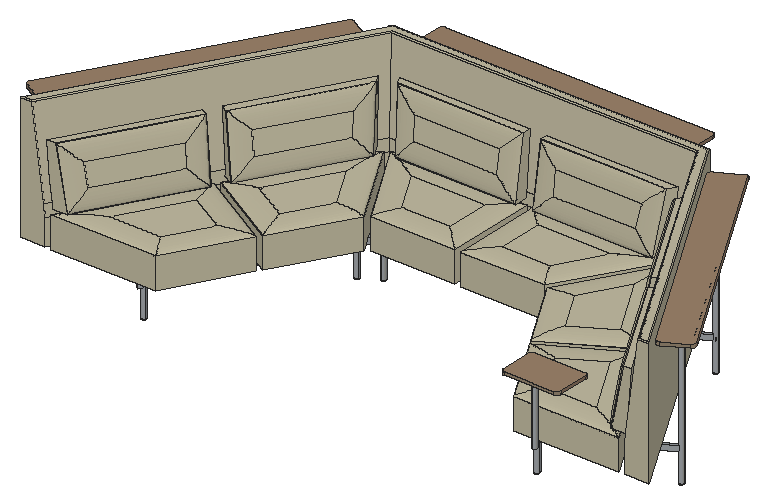
Revit family "Reveal Mid Back 983-173AST", category Furniture, Revit 2016
Family settings
  OmniClass Number = 23.40.20.00
  OmniClass Title = General Furniture and Specialties
  Work Plane-Based = No
  Always vertical = Yes
  Cut with Voids When Loaded = No
  Shared = No
  Room Calculation Point = No
Parameters
  URL = "http://www.martinbrattrud.com"
  Table Top [instance] = MB Wood Cherry
  SCS Certified Product = "Yes"
  Model = "Reveal 983-173 AST"
  Manufacturer = "Martin Brattrud, Inc."
  Leg = none
  Keynote = "125000"
  Copyright = "© 2013 Martin Brattrud, Inc."
  Chair [instance] = none
  Back Cushion [instance] = none
  Authoring Version = "Revit Architecture 2010"
  Assembly Code = "E2020200"
Reference planes
  plane 1 "Center Front/Back": y = 0
  plane 2: z = 0
  plane 3 "Center Left/Right": x = 0
  plane 4: z = 0
  plane 5: z = 1060.45
Forms (mm)
  Sweep 1, solid, material <- "Chair"
    path in 3D
      loop
        line (-19.05, -390.525, 431.8) -> (-19.05, 212.725, 431.8) -> (-926.137, 212.725, 431.8) -> (-577.85, -390.525, 431.8) -> (-19.05, -390.525, 431.8)
    profile origin (-298.45, -390.525, 431.8) x (0, 1, 0) y (0, 0, 1)
      loop
        line (153.194, 0) -> (153.194, 19.05)
        spline (153.194, 19.05) -> (133.302, 18.887) -> (113.75, 18.401) -> (94.873, 17.6) -> (76.994, 16.498) -> (60.419, 15.113) -> (45.431, 13.47) -> (32.287, 11.597) -> (21.211, 9.525) -> (12.395, 7.29) -> (5.987, 4.931) -> (2.098, 2.487) -> (0.794, 0)
        line (0.794, 0) -> (153.194, 0)
  Extrusion 2, void
    sketch origin (0, -938.609, 558.8) x (0, 1, 0) y (0, 0, 1)
      loop
        line (-471.831, 501.65) -> (-471.037, 501.65)
        arc (-471.037, 501.65) -> (-469.178, 506.14) -> (-464.687, 508) r 6.35
        line (-464.687, 508) -> (-464.687, 514.35) -> (-560.731, 514.35) -> (-560.731, -330.2) -> (-471.831, -330.2) -> (-471.831, 501.65)
    from -2133.6 to 2133.6
  Extrusion 3, solid, material <- "Leg"
    sketch origin (0, 0, 0) x (1, 0, 0) y (0, 1, 0)
      loop
        line (-603.25, 494.783) -> (-603.25, 146.05) -> (-909.639, 146.05) -> (-1062.833, -119.29) -> (-1365.293, 55.335) -> (-1374.818, 38.837) -> (-1072.358, -135.788) -> (-1656.558, -1147.652) -> (-1959.018, -973.027) -> (-1968.543, -989.525) -> (-1319.63, -1364.175) -> (-1333.917, -1388.922) -> (-1317.419, -1398.447) -> (-667.671, -273.05) -> (667.671, -273.05) -> (1336.73, -1431.894) -> (1353.228, -1422.369) -> (1319.63, -1364.175) -> (1968.543, -989.525) -> (1959.018, -973.027) -> (1656.558, -1147.652) -> (1072.358, -135.788) -> (1374.818, 38.837) -> (1365.293, 55.335) -> (1062.833, -119.29) -> (909.639, 146.05) -> (603.25, 146.05) -> (603.25, 494.783) -> (584.2, 494.783) -> (584.2, 146.05) -> (-584.2, 146.05) -> (-584.2, 494.783) -> (-603.25, 494.783)
      loop
        line (-584.2, -254) -> (-127, -254) -> (-127, 127) -> (-584.2, 127) -> (-584.2, -254)
      loop
        line (-603.25, -254) -> (-603.25, 127) -> (-898.64, 127) -> (-1046.335, -128.815) -> (-716.38, -319.315) -> (-678.67, -254) -> (-603.25, -254)
      loop
        line (-107.95, 127) -> (-107.95, -254) -> (107.95, -254) -> (107.95, 127) -> (-107.95, 127)
      loop
        line (584.2, -254) -> (584.2, 127) -> (127, 127) -> (127, -254) -> (584.2, -254)
      loop
        line (-725.905, -335.813) -> (-1055.86, -145.313) -> (-1284.46, -541.26) -> (-954.505, -731.76) -> (-725.905, -335.813)
      loop
        line (-1401.935, -744.733) -> (-1071.98, -935.233) -> (-964.03, -748.258) -> (-1293.985, -557.758) -> (-1401.935, -744.733)
      loop
        line (-1081.505, -951.731) -> (-1411.46, -761.231) -> (-1640.06, -1157.177) -> (-1310.105, -1347.677) -> (-1081.505, -951.731)
      loop
        line (603.25, -254) -> (678.67, -254) -> (716.38, -319.315) -> (1046.335, -128.815) -> (898.64, 127) -> (603.25, 127) -> (603.25, -254)
      loop
        line (725.905, -335.813) -> (954.505, -731.76) -> (1284.46, -541.26) -> (1055.86, -145.313) -> (725.905, -335.813)
      loop
        line (1401.935, -744.733) -> (1293.985, -557.758) -> (964.03, -748.258) -> (1071.98, -935.233) -> (1401.935, -744.733)
      loop
        line (1081.505, -951.731) -> (1310.105, -1347.677) -> (1640.06, -1157.177) -> (1411.46, -761.231) -> (1081.505, -951.731)
    from 190.472 to 228.6
  Extrusion 4, solid, material <- "Leg"
    sketch origin (0, 0, 0) x (1, 0, 0) y (0, 1, 0)
      loop
        line (-584.2, 276.225) -> (584.2, 276.225) -> (584.2, 352.425) -> (-584.2, 352.425) -> (-584.2, 276.225)
      loop
        line (-1769.293, -1082.565) -> (-1185.093, -70.701) -> (-1251.084, -32.601) -> (-1835.284, -1044.465) -> (-1769.293, -1082.565)
      loop
        line (1769.293, -1082.565) -> (1835.284, -1044.465) -> (1251.084, -32.601) -> (1185.093, -70.701) -> (1769.293, -1082.565)
    from 203.2 to 228.6
  Sweep 5, solid, material <- "Chair"
    path origin (0, 0, 0) x (1, 0, 0) y (0, 1, 0)
      loop
        line (2090.574, -1410.441) -> (1050.786, 390.525) -> (-1050.786, 390.525) -> (-2090.574, -1410.441)
    profile origin (0, 390.525, 0) x (0, -1, 0) y (0, 0, 1)
      loop
        line (0, 1060.45) -> (0, 228.6) -> (139.7, 228.6) -> (139.7, 401.904)
        arc (139.7, 401.904) -> (138.491, 441.381) -> (134.868, 480.71) r 645.001
        line (134.868, 480.71) -> (63.5, 1060.45) -> (0, 1060.45)
  Extrusion 6, solid, material <- "Chair"
    sketch origin (0, 0, 0) x (1, 0, 0) y (0, 1, 0)
      loop
        line (-1431.725, -624.881) -> (-1885.269, -1410.441) -> (-1188.696, -1410.441) -> (-909.296, -926.506) -> (-1431.725, -624.881)
      loop
        line (-610.846, -409.575) -> (-959.132, 193.675) -> (-1412.675, -591.885) -> (-890.246, -893.51) -> (-610.846, -409.575)
      loop
        line (-926.137, 212.725) -> (-577.85, -390.525) -> (-19.05, -390.525) -> (-19.05, 212.725) -> (-926.137, 212.725)
      loop
        line (1431.725, -624.881) -> (909.296, -926.506) -> (1188.696, -1410.441) -> (1885.269, -1410.441) -> (1431.725, -624.881)
      loop
        line (610.846, -409.575) -> (890.246, -893.51) -> (1412.675, -591.885) -> (959.132, 193.675) -> (610.846, -409.575)
      loop
        line (926.137, 212.725) -> (19.05, 212.725) -> (19.05, -390.525) -> (577.85, -390.525) -> (926.137, 212.725)
    from 228.6 to 431.8
  Extrusion 7, solid, material <- "Chair"
    sketch origin (0, 0, 0) x (1, 0, 0) y (0, 1, 0)
      loop
        line (-660.797, 59.531) -> (-489.404, -237.331) -> (-172.244, -237.331) -> (-172.244, 59.531) -> (-660.797, 59.531)
    from 431.8 to 450.85
  Sweep 8, solid, material <- "Chair"
    path in 3D
      loop
        line (19.05, -390.525, 431.8) -> (19.05, 212.725, 431.8) -> (926.137, 212.725, 431.8) -> (577.85, -390.525, 431.8) -> (19.05, -390.525, 431.8)
    profile origin (298.45, -390.525, 431.8) x (0, -1, 0) y (0, 0, 1)
      loop
        line (-153.194, 0) -> (-0.794, 0)
        spline (-0.794, 0) -> (-2.098, 2.487) -> (-5.987, 4.931) -> (-12.395, 7.29) -> (-21.211, 9.525) -> (-32.287, 11.597) -> (-45.431, 13.47) -> (-60.419, 15.113) -> (-76.994, 16.498) -> (-94.873, 17.6) -> (-113.75, 18.401) -> (-133.302, 18.887) -> (-153.194, 19.05)
        line (-153.194, 19.05) -> (-153.194, 0)
  Extrusion 9, solid, material <- "Chair"
    sketch origin (0, 0, 0) x (-1, 0, 0) y (0, -1, 0)
      loop
        line (-660.797, -59.531) -> (-172.244, -59.531) -> (-172.244, 237.331) -> (-489.404, 237.331) -> (-660.797, -59.531)
    from 431.8 to 450.85
  Sweep 10, solid, material <- "Chair"
    path in 3D
      loop
        line (-909.296, -926.506, 431.8) -> (-1431.725, -624.881, 431.8) -> (-1885.269, -1410.441, 431.8) -> (-1188.696, -1410.441, 431.8) -> (-909.296, -926.506, 431.8)
    profile origin (-1048.996, -1168.473, 431.8) x (-0.866025, 0.5, 0) y (0, 0, 1)
      loop
        line (153.194, 0) -> (153.194, 19.05)
        spline (153.194, 19.05) -> (133.302, 18.887) -> (113.75, 18.401) -> (94.873, 17.6) -> (76.994, 16.498) -> (60.419, 15.113) -> (45.431, 13.47) -> (32.287, 11.597) -> (21.211, 9.525) -> (12.395, 7.29) -> (5.987, 4.931) -> (2.098, 2.487) -> (0.794, 0)
        line (0.794, 0) -> (153.194, 0)
  Extrusion 11, solid, material <- "Chair"
    sketch origin (-1237.975, -714.745, 0) x (0.5, 0.866025, 0) y (-0.866025, 0.5, 0)
      loop
        line (-660.797, 59.531) -> (-489.404, -237.331) -> (-172.244, -237.331) -> (-172.244, 59.531) -> (-660.797, 59.531)
    from 431.8 to 450.85
  Sweep 12, solid, material <- "Chair"
    path in 3D
      loop
        line (-890.246, -893.51, 431.8) -> (-1412.675, -591.885, 431.8) -> (-959.132, 193.675, 431.8) -> (-610.846, -409.575, 431.8) -> (-890.246, -893.51, 431.8)
    profile origin (-750.546, -651.542, 431.8) x (0.866025, -0.5, 0) y (0, 0, 1)
      loop
        line (-153.194, 0) -> (-0.794, 0)
        spline (-0.794, 0) -> (-2.098, 2.487) -> (-5.987, 4.931) -> (-12.395, 7.29) -> (-21.211, 9.525) -> (-32.287, 11.597) -> (-45.431, 13.47) -> (-60.419, 15.113) -> (-76.994, 16.498) -> (-94.873, 17.6) -> (-113.75, 18.401) -> (-133.302, 18.887) -> (-153.194, 19.05)
        line (-153.194, 19.05) -> (-153.194, 0)
  Extrusion 13, solid, material <- "Chair"
    sketch origin (-1237.975, -714.745, 0) x (-0.5, -0.866025, 0) y (0.866025, -0.5, 0)
      loop
        line (-660.797, -59.531) -> (-172.244, -59.531) -> (-172.244, 237.331) -> (-489.404, 237.331) -> (-660.797, -59.531)
    from 431.8 to 450.85
  Sweep 14, solid, material <- "Chair"
    path in 3D
      loop
        line (909.296, -926.506, 431.8) -> (1431.725, -624.881, 431.8) -> (1885.269, -1410.441, 431.8) -> (1188.696, -1410.441, 431.8) -> (909.296, -926.506, 431.8)
    profile origin (1048.996, -1168.473, 431.8) x (-0.866025, -0.5, 0) y (0, 0, 1)
      loop
        line (-153.194, 0) -> (-0.794, 0)
        spline (-0.794, 0) -> (-2.098, 2.487) -> (-5.987, 4.931) -> (-12.395, 7.29) -> (-21.211, 9.525) -> (-32.287, 11.597) -> (-45.431, 13.47) -> (-60.419, 15.113) -> (-76.994, 16.498) -> (-94.873, 17.6) -> (-113.75, 18.401) -> (-133.302, 18.887) -> (-153.194, 19.05)
        line (-153.194, 19.05) -> (-153.194, 0)
  Extrusion 15, solid, material <- "Chair"
    sketch origin (1237.975, -714.745, 0) x (-0.5, 0.866025, 0) y (-0.866025, -0.5, 0)
      loop
        line (-660.797, -59.531) -> (-172.244, -59.531) -> (-172.244, 237.331) -> (-489.404, 237.331) -> (-660.797, -59.531)
    from 431.8 to 450.85
  Sweep 16, solid, material <- "Chair"
    path in 3D
      loop
        line (890.246, -893.51, 431.8) -> (1412.675, -591.885, 431.8) -> (959.132, 193.675, 431.8) -> (610.846, -409.575, 431.8) -> (890.246, -893.51, 431.8)
    profile origin (750.546, -651.542, 431.8) x (0.866025, 0.5, 0) y (0, 0, 1)
      loop
        line (153.194, 0) -> (153.194, 19.05)
        spline (153.194, 19.05) -> (133.302, 18.887) -> (113.75, 18.401) -> (94.873, 17.6) -> (76.994, 16.498) -> (60.419, 15.113) -> (45.431, 13.47) -> (32.287, 11.597) -> (21.211, 9.525) -> (12.395, 7.29) -> (5.987, 4.931) -> (2.098, 2.487) -> (0.794, 0)
        line (0.794, 0) -> (153.194, 0)
  Extrusion 17, solid, material <- "Chair"
    sketch origin (1237.975, -714.745, 0) x (0.5, -0.866025, 0) y (0.866025, 0.5, 0)
      loop
        line (-660.797, 59.531) -> (-489.404, -237.331) -> (-172.244, -237.331) -> (-172.244, 59.531) -> (-660.797, 59.531)
    from 431.8 to 450.85
  Sweep 18, solid, material <- "Chair"
    path origin (0, 0, 0) x (1, 0, 0) y (0, 1, 0)
      loop
        line (-1965.11, -1372.341) -> (-999.053, 300.919) -> (999.053, 300.919) -> (1965.11, -1372.341)
    profile origin (0, 300.919, 0) x (0, 1, 0) y (0, 0, 1)
      loop
        line (-48.848, 447.17) -> (-16.628, 844.552) -> (-67.428, 844.552) -> (-136.165, 447.17) -> (-48.848, 447.17)
  Extrusion 19, void
    sketch origin (0, 0, 0) x (1, 0, 0) y (0, 1, 0)
      loop
        line (-1527.154, -613.779) -> (-1401.282, -686.451) -> (-1344.132, -587.464) -> (-1470.004, -514.792) -> (-1527.154, -613.779)
      loop
        line (-930.152, 67.28) -> (-831.165, 124.43) -> (-950.632, 331.352) -> (-1049.618, 274.202) -> (-930.152, 67.28)
      loop
        line (-1797.28, -1372.341) -> (-1968.73, -1372.341) -> (-1968.73, -1467.591) -> (-1797.28, -1467.591) -> (-1797.28, -1372.341)
      loop
        line (1527.154, -613.779) -> (1470.004, -514.792) -> (1344.132, -587.464) -> (1401.282, -686.451) -> (1527.154, -613.779)
      loop
        line (930.152, 67.28) -> (1049.618, 274.202) -> (950.632, 331.352) -> (831.165, 124.43) -> (930.152, 67.28)
      loop
        line (1797.28, -1372.341) -> (1797.28, -1467.591) -> (1968.73, -1467.591) -> (1968.73, -1372.341) -> (1797.28, -1372.341)
      loop
        line (-57.15, 300.919) -> (-57.15, 155.575) -> (57.15, 155.575) -> (57.15, 300.919) -> (-57.15, 300.919)
    from 447.17 to 844.552
  Extrusion 20, solid, material "MB Wood Cherry" <- "Table Top"
    sketch origin (0, 0, 0) x (1, 0, 0) y (0, 1, 0)
      loop
        line (-1331.241, 361.964) -> (-2217.066, -1172.33)
        arc (-2217.066, -1172.33) -> (-2219.603, -1191.604) -> (-2207.769, -1207.027) r 25.4
        line (-2207.769, -1207.027) -> (-2064.788, -1289.577)
        arc (-2064.788, -1289.577) -> (-2045.514, -1292.114) -> (-2030.091, -1280.28) r 25.4
        line (-2030.091, -1280.28) -> (-1144.266, 254.014)
        arc (-1144.266, 254.014) -> (-1141.728, 273.288) -> (-1153.563, 288.711) r 25.4
        line (-1153.563, 288.711) -> (-1296.544, 371.261)
        arc (-1296.544, 371.261) -> (-1315.818, 373.799) -> (-1331.241, 361.964) r 25.4
      loop
        line (885.825, 619.125) -> (-885.825, 619.125)
        arc (-885.825, 619.125) -> (-903.786, 611.686) -> (-911.225, 593.725) r 25.4
        line (-911.225, 593.725) -> (-911.225, 428.625)
        arc (-911.225, 428.625) -> (-903.786, 410.664) -> (-885.825, 403.225) r 25.4
        line (-885.825, 403.225) -> (885.825, 403.225)
        arc (885.825, 403.225) -> (903.786, 410.664) -> (911.225, 428.625) r 25.4
        line (911.225, 428.625) -> (911.225, 593.725)
        arc (911.225, 593.725) -> (903.786, 611.686) -> (885.825, 619.125) r 25.4
      loop
        line (2217.066, -1172.33) -> (1331.241, 361.964)
        arc (1331.241, 361.964) -> (1315.818, 373.799) -> (1296.544, 371.261) r 25.4
        line (1296.544, 371.261) -> (1153.563, 288.711)
        arc (1153.563, 288.711) -> (1141.728, 273.288) -> (1144.266, 254.014) r 25.4
        line (1144.266, 254.014) -> (2030.091, -1280.28)
        arc (2030.091, -1280.28) -> (2045.514, -1292.114) -> (2064.788, -1289.577) r 25.4
        line (2064.788, -1289.577) -> (2207.769, -1207.027)
        arc (2207.769, -1207.027) -> (2219.603, -1191.604) -> (2217.066, -1172.33) r 25.4
    from 990.6 to 1009.65
  Sweep 21, solid, material <- "Chair"
    path in 3D
      loop
        line (-894.132, 233.491, 844.552) -> (-854.447, 164.755, 447.17) -> (-57.15, 164.755, 447.17) -> (-57.15, 233.491, 844.552) -> (-894.132, 233.491, 844.552)
    profile origin (-475.641, 233.491, 844.552) x (0, -1, 0) y (0, 0, 1)
      loop
        line (0.135, -0.782) -> (25.975, -150.17) -> (41.618, -147.464) -> (37.424, -123.218)
        spline (37.424, -123.218) -> (34.465, -106.907) -> (31.289, -90.921) -> (27.95, -75.534) -> (24.505, -61.01) -> (21.014, -47.596) -> (17.536, -35.522) -> (14.131, -24.995) -> (10.857, -16.195) -> (7.769, -9.273) -> (4.921, -4.346) -> (2.362, -1.5) -> (0.135, -0.782)
  Sweep 22, solid, material <- "Chair"
    path in 3D
      loop
        line (209.55, 190.73, 597.34) -> (209.55, 175.088, 600.046)
    profile origin (209.55, 182.909, 598.693) x (0, -0.170442, -0.985368) y (1, 0, 0)
      loop
        line (0, 0) -> (0, 506.758) -> (-98.483, 516.449) -> (-98.483, 0) -> (0, 0)
  Sweep 23, solid, material <- "Chair"
    path in 3D
      loop
        line (-1298.377, -437.905, 597.34) -> (-1284.83, -445.726, 600.046)
    profile origin (-1291.604, -441.815, 598.693) x (0.147607, -0.085221, -0.985368) y (0.5, 0.866025, 0)
      loop
        line (0, 0) -> (0, 506.758) -> (-98.483, 516.449) -> (-98.483, 0) -> (0, 0)
  Sweep 24, solid, material <- "Chair"
    path in 3D
      loop
        line (1284.83, -445.726, 600.046) -> (1298.377, -437.905, 597.34)
    profile origin (1291.604, -441.815, 598.693) x (-0.147607, -0.085221, -0.985368) y (-0.5, 0.866025, 0)
      loop
        line (0, 0) -> (0, 506.758) -> (-98.483, 516.449) -> (-98.483, 0) -> (0, 0)
  Sweep 25, solid, material <- "Chair"
    path in 3D
      loop
        line (-209.55, 190.73, 597.34) -> (-209.55, 175.088, 600.046)
    profile origin (-209.55, 182.909, 598.693) x (0, 0.170442, 0.985368) y (-1, 0, 0)
      loop
        line (0, 0) -> (98.483, 0) -> (98.483, 516.449) -> (0, 506.758) -> (0, 0)
  Sweep 26, solid, material <- "Chair"
    path in 3D
      loop
        line (-1507.927, -800.856, 597.34) -> (-1494.38, -808.677, 600.046)
    profile origin (-1501.154, -804.766, 598.693) x (0, 0.326935, 0.945047) y (-0.521333, -0.806459, 0.278991)
      loop
        line (0, 0) -> (94.453, 27.884) -> (-51.772, 523.2) -> (-143.48, 486.021) -> (0, 0)
  Sweep 27, solid, material <- "Chair"
    path in 3D
      loop
        line (1507.927, -800.856, 597.34) -> (1494.38, -808.677, 600.046)
    profile origin (1501.154, -804.766, 598.693) x (0, -0.326935, -0.945047) y (0.521333, -0.806459, 0.278991)
      loop
        line (0, 0) -> (143.48, 486.021) -> (51.772, 523.2) -> (-94.453, 27.884) -> (0, 0)
  Extrusion 28, solid, material <- "Leg"
    sketch origin (0, 0, 0) x (1, 0, 0) y (0, 1, 0)
      loop
        line (603.25, 492.125) -> (584.2, 492.125) -> (584.2, 389.64) -> (603.25, 389.64) -> (603.25, 492.125)
      loop
        line (-603.25, 492.125) -> (-603.25, 389.64) -> (-584.2, 389.64) -> (-584.2, 492.125) -> (-603.25, 492.125)
      loop
        line (-1362.543, 53.747) -> (-1372.068, 37.249) -> (-1283.313, -13.993) -> (-1273.788, 2.504) -> (-1362.543, 53.747)
      loop
        line (-1965.793, -991.113) -> (-1877.038, -1042.355) -> (-1867.513, -1025.858) -> (-1956.268, -974.615) -> (-1965.793, -991.113)
      loop
        line (1362.543, 53.747) -> (1273.788, 2.504) -> (1283.313, -13.993) -> (1372.068, 37.249) -> (1362.543, 53.747)
      loop
        line (1965.793, -991.113) -> (1956.268, -974.615) -> (1867.513, -1025.858) -> (1877.038, -1042.355) -> (1965.793, -991.113)
    from 949.325 to 987.425
  Extrusion 29, solid, material <- "Leg"
    sketch origin (0, 0, 0) x (1, 0, 0) y (0, 1, 0)
      loop
        line (885.825, 593.725) -> (-885.825, 593.725) -> (-885.825, 428.625) -> (885.825, 428.625) -> (885.825, 593.725)
      loop
        line (-1309.244, 349.264) -> (-2195.069, -1185.03) -> (-2052.088, -1267.58) -> (-1166.263, 266.714) -> (-1309.244, 349.264)
      loop
        line (1309.244, 349.264) -> (1166.263, 266.714) -> (2052.088, -1267.58) -> (2195.069, -1185.03) -> (1309.244, 349.264)
    from 987.434 to 990.609
  Sweep 30, solid, material <- "Chair"
    path in 3D
      loop
        line (894.132, 233.491, 844.552) -> (854.447, 164.755, 447.17) -> (57.15, 164.755, 447.17) -> (57.15, 233.491, 844.552) -> (894.132, 233.491, 844.552)
    profile origin (475.641, 233.491, 844.552) x (0, 1, 0) y (0, 0, 1)
      loop
        spline (-0.135, -0.782) -> (-2.362, -1.5) -> (-4.921, -4.346) -> (-7.769, -9.273) -> (-10.857, -16.195) -> (-14.131, -24.995) -> (-17.536, -35.522) -> (-21.014, -47.596) -> (-24.505, -61.01) -> (-27.95, -75.534) -> (-31.289, -90.921) -> (-34.465, -106.907) -> (-37.424, -123.218)
        line (-37.424, -123.218) -> (-41.618, -147.464) -> (-25.975, -150.17) -> (-0.135, -0.782)
  Sweep 31, solid, material <- "Chair"
    path in 3D
      loop
        line (-1887.25, -1372.341, 844.552) -> (-1807.881, -1372.341, 447.17) -> (-1409.232, -681.861, 447.17) -> (-1468.759, -647.493, 844.552) -> (-1887.25, -1372.341, 844.552)
    profile origin (-1678.005, -1009.917, 844.552) x (0.866025, -0.5, 0) y (0, 0, 1)
      loop
        line (0.135, -0.782) -> (25.975, -150.17) -> (41.618, -147.464) -> (37.424, -123.218)
        spline (37.424, -123.218) -> (34.465, -106.907) -> (31.289, -90.921) -> (27.95, -75.534) -> (24.505, -61.01) -> (21.014, -47.596) -> (17.536, -35.522) -> (14.131, -24.995) -> (10.857, -16.195) -> (7.769, -9.273) -> (4.921, -4.346) -> (2.362, -1.5) -> (0.135, -0.782)
  Sweep 32, solid, material <- "Chair"
    path in 3D
      loop
        line (-993.119, 176.341, 844.552) -> (-953.434, 107.605, 447.17) -> (-1352.082, -582.874, 447.17) -> (-1411.609, -548.506, 844.552) -> (-993.119, 176.341, 844.552)
    profile origin (-1202.364, -186.083, 844.552) x (-0.866025, 0.5, 0) y (0, 0, 1)
      loop
        spline (-0.135, -0.782) -> (-2.362, -1.5) -> (-4.921, -4.346) -> (-7.769, -9.273) -> (-10.857, -16.195) -> (-14.131, -24.995) -> (-17.536, -35.522) -> (-21.014, -47.596) -> (-24.505, -61.01) -> (-27.95, -75.534) -> (-31.289, -90.921) -> (-34.465, -106.907) -> (-37.424, -123.218)
        line (-37.424, -123.218) -> (-41.618, -147.464) -> (-25.975, -150.17) -> (-0.135, -0.782)
  Sweep 33, solid, material <- "Chair"
    path in 3D
      loop
        line (993.119, 176.341, 844.552) -> (953.434, 107.605, 447.17) -> (1352.082, -582.874, 447.17) -> (1411.609, -548.506, 844.552) -> (993.119, 176.341, 844.552)
    profile origin (1202.364, -186.083, 844.552) x (-0.866025, -0.5, 0) y (0, 0, 1)
      loop
        line (0.135, -0.782) -> (25.975, -150.17) -> (41.618, -147.464) -> (37.424, -123.218)
        spline (37.424, -123.218) -> (34.465, -106.907) -> (31.289, -90.921) -> (27.95, -75.534) -> (24.505, -61.01) -> (21.014, -47.596) -> (17.536, -35.522) -> (14.131, -24.995) -> (10.857, -16.195) -> (7.769, -9.273) -> (4.921, -4.346) -> (2.362, -1.5) -> (0.135, -0.782)
  Sweep 34, solid, material <- "Chair"
    path in 3D
      loop
        line (1887.25, -1372.341, 844.552) -> (1807.881, -1372.341, 447.17) -> (1409.232, -681.861, 447.17) -> (1468.759, -647.493, 844.552) -> (1887.25, -1372.341, 844.552)
    profile origin (1678.005, -1009.917, 844.552) x (0.866025, 0.5, 0) y (0, 0, 1)
      loop
        spline (-0.135, -0.782) -> (-2.362, -1.5) -> (-4.921, -4.346) -> (-7.769, -9.273) -> (-10.857, -16.195) -> (-14.131, -24.995) -> (-17.536, -35.522) -> (-21.014, -47.596) -> (-24.505, -61.01) -> (-27.95, -75.534) -> (-31.289, -90.921) -> (-34.465, -106.907) -> (-37.424, -123.218)
        line (-37.424, -123.218) -> (-41.618, -147.464) -> (-25.975, -150.17) -> (-0.135, -0.782)
  Sweep 35, solid, material <- "Chair"
    path in 3D
      loop
        line (2035.136, -1442.448, 1060.45) -> (1013.827, 326.51, 1060.45) -> (-1013.827, 326.51, 1060.45) -> (-2035.136, -1442.448, 1060.45)
    profile origin (0, 326.51, 1060.45) x (0, -1, 0) y (0, 0, 1)
      loop
        line (-7.144, 6.35) -> (-56.78, 6.35)
        arc (-56.78, 6.35) -> (-61.27, 4.49) -> (-63.13, 0) r 6.35
        line (-63.13, 0) -> (-0.794, 0)
        arc (-0.794, 0) -> (-2.654, 4.49) -> (-7.144, 6.35) r 6.35
  Extrusion 36, solid, material <- "Leg"
    sketch origin (1607.996, -718.291, 0) x (0, -1, 0) y (1, 0, 0)
      loop
        circle (708.025, -263.525) r 15.875
    from 190.472 to 634.994
  Extrusion 37, solid, material "MB Wood Cherry" <- "Table Top"
    sketch origin (1887.809, -621.758, 0) x (0, -1, 0) y (1, 0, 0)
      loop
        line (702.957, -670.338) -> (906.157, -670.338)
        arc (906.157, -670.338) -> (924.118, -662.899) -> (931.557, -644.938) r 25.4
        line (931.557, -644.938) -> (931.557, -314.738)
        arc (931.557, -314.738) -> (924.118, -296.778) -> (906.157, -289.338) r 25.4
        line (906.157, -289.338) -> (702.957, -289.338)
        arc (702.957, -289.338) -> (684.997, -296.778) -> (677.557, -314.738) r 25.4
        line (677.557, -314.738) -> (677.557, -644.938)
        arc (677.557, -644.938) -> (684.997, -662.899) -> (702.957, -670.338) r 25.4
    from 641.351 to 660.401
Cuts and joins
  Extrusion 2 cuts Sweep 5
  Extrusion 19 cuts Sweep 18
  joined: Sweep 14, Extrusion 15
  joined: Sweep 16, Extrusion 17
  joined: Sweep 8, Extrusion 9
  joined: Sweep 1, Extrusion 7
  joined: Sweep 12, Extrusion 13
  joined: Sweep 10, Extrusion 11
  joined: Sweep 26, Sweep 31
  joined: Sweep 23, Sweep 32
  joined: Sweep 21, Sweep 25
  joined: Sweep 22, Sweep 30
  joined: Sweep 24, Sweep 33
  joined: Sweep 27, Sweep 34
  Extrusion 2 cuts Sweep 35
  joined: Extrusion 3, Extrusion 36
Lines and regions (mm)
  sketch lines
    curve 1: line (-577.85, -390.525, 431.8) -> (-19.05, -390.525, 431.8)
    curve 2: line (-926.137, 212.725, 431.8) -> (-577.85, -390.525, 431.8)
    curve 3: line (-19.05, 212.725, 431.8) -> (-926.137, 212.725, 431.8)
    curve 4: line (-19.05, -390.525, 431.8) -> (-19.05, 212.725, 431.8)
    curve 5: line (577.85, -390.525, 431.8) -> (19.05, -390.525, 431.8)
    curve 6: line (926.137, 212.725, 431.8) -> (577.85, -390.525, 431.8)
    curve 7: line (19.05, 212.725, 431.8) -> (926.137, 212.725, 431.8)
    curve 8: line (19.05, -390.525, 431.8) -> (19.05, 212.725, 431.8)
    curve 9: line (-1188.696, -1410.441, 431.8) -> (-909.296, -926.506, 431.8)
    curve 10: line (-1885.269, -1410.441, 431.8) -> (-1188.696, -1410.441, 431.8)
    curve 11: line (-1431.725, -624.881, 431.8) -> (-1885.269, -1410.441, 431.8)
    curve 12: line (-909.296, -926.506, 431.8) -> (-1431.725, -624.881, 431.8)
    curve 13: line (-610.846, -409.575, 431.8) -> (-890.246, -893.51, 431.8)
    curve 14: line (-959.132, 193.675, 431.8) -> (-610.846, -409.575, 431.8)
    curve 15: line (-1412.675, -591.885, 431.8) -> (-959.132, 193.675, 431.8)
    curve 16: line (-890.246, -893.51, 431.8) -> (-1412.675, -591.885, 431.8)
    curve 17: line (1188.696, -1410.441, 431.8) -> (909.296, -926.506, 431.8)
    curve 18: line (1885.269, -1410.441, 431.8) -> (1188.696, -1410.441, 431.8)
    curve 19: line (1431.725, -624.881, 431.8) -> (1885.269, -1410.441, 431.8)
    curve 20: line (909.296, -926.506, 431.8) -> (1431.725, -624.881, 431.8)
    curve 21: line (610.846, -409.575, 431.8) -> (890.246, -893.51, 431.8)
    curve 22: line (959.132, 193.675, 431.8) -> (610.846, -409.575, 431.8)
    curve 23: line (1412.675, -591.885, 431.8) -> (959.132, 193.675, 431.8)
    curve 24: line (890.246, -893.51, 431.8) -> (1412.675, -591.885, 431.8)
    curve 25: line (-57.15, 233.491, 844.552) -> (-894.132, 233.491, 844.552)
    curve 26: line (-854.447, 164.755, 447.17) -> (-894.132, 233.491, 844.552)
    curve 27: line (-57.15, 164.755, 447.17) -> (-854.447, 164.755, 447.17)
    curve 28: line (-57.15, 233.491, 844.552) -> (-57.15, 164.755, 447.17)
    curve 29: line (209.55, 190.73, 597.34) -> (209.55, 175.088, 600.046)
    curve 30: line (-1298.377, -437.905, 597.34) -> (-1284.83, -445.726, 600.046)
    curve 31: line (1284.83, -445.726, 600.046) -> (1298.377, -437.905, 597.34)
    curve 32: line (-209.55, 190.73, 597.34) -> (-209.55, 175.088, 600.046)
    curve 33: line (-1507.927, -800.856, 597.34) -> (-1494.38, -808.677, 600.046)
    curve 34: line (1507.927, -800.856, 597.34) -> (1494.38, -808.677, 600.046)
    curve 35: line (57.15, 233.491, 844.552) -> (894.132, 233.491, 844.552)
    curve 36: line (854.447, 164.755, 447.17) -> (894.132, 233.491, 844.552)
    curve 37: line (57.15, 164.755, 447.17) -> (854.447, 164.755, 447.17)
    curve 38: line (57.15, 233.491, 844.552) -> (57.15, 164.755, 447.17)
    curve 39: line (-1468.759, -647.493, 844.552) -> (-1887.25, -1372.341, 844.552)
    curve 40: line (-1807.881, -1372.341, 447.17) -> (-1887.25, -1372.341, 844.552)
    curve 41: line (-1409.232, -681.861, 447.17) -> (-1807.881, -1372.341, 447.17)
    curve 42: line (-1468.759, -647.493, 844.552) -> (-1409.232, -681.861, 447.17)
    curve 43: line (-1411.609, -548.506, 844.552) -> (-993.119, 176.341, 844.552)
    curve 44: line (-953.434, 107.605, 447.17) -> (-993.119, 176.341, 844.552)
    curve 45: line (-1352.082, -582.874, 447.17) -> (-953.434, 107.605, 447.17)
    curve 46: line (-1411.609, -548.506, 844.552) -> (-1352.082, -582.874, 447.17)
    curve 47: line (1411.609, -548.506, 844.552) -> (993.119, 176.341, 844.552)
    curve 48: line (953.434, 107.605, 447.17) -> (993.119, 176.341, 844.552)
    curve 49: line (1352.082, -582.874, 447.17) -> (953.434, 107.605, 447.17)
    curve 50: line (1411.609, -548.506, 844.552) -> (1352.082, -582.874, 447.17)
    curve 51: line (1468.759, -647.493, 844.552) -> (1887.25, -1372.341, 844.552)
    curve 52: line (1807.881, -1372.341, 447.17) -> (1887.25, -1372.341, 844.552)
    curve 53: line (1409.232, -681.861, 447.17) -> (1807.881, -1372.341, 447.17)
    curve 54: line (1468.759, -647.493, 844.552) -> (1409.232, -681.861, 447.17)
    curve 55: line (1013.827, 326.51, 1060.45) -> (-1013.827, 326.51, 1060.45)
    curve 56: line (-1013.827, 326.51, 1060.45) -> (-2035.136, -1442.448, 1060.45)
    curve 57: line (2035.136, -1442.448, 1060.45) -> (1013.827, 326.51, 1060.45)
Nested families
  nested 1: "Reveal Leg" at (593.677, -263.525, 0) x (-1, 0, 0) z (0, 0, 1), type "Reveal Leg"
  nested 2: "Reveal Leg LAFS" at (593.725, 495.3, 0), type "Reveal Leg"
  nested 3: "Reveal Leg LAFS" at (-593.725, 495.3, 0) x (-1, 0, 0) z (0, 0, 1), type "Reveal Leg"
  nested 4: "Reveal Leg LAFS" at (-1370.055, 47.086, 0) x (0.5, 0.866, 0) z (0, 0, 1), type "Reveal Leg"
  nested 5: "Reveal Leg LAFS" at (-1963.78, -981.276, 0) x (-0.5, -0.866, 0) z (0, 0, 1), type "Reveal Leg"
  nested 6: "Reveal Leg LAFS" at (1370.055, 47.086, 0) x (-0.5, 0.866, 0) z (0, 0, 1), type "Reveal Leg"
  nested 7: "Reveal Leg LAFS" at (1963.78, -981.276, 0) x (0.5, -0.866, 0) z (0, 0, 1), type "Reveal Leg"
  nested 8: "Reveal Leg" at (-593.677, -263.525, 0), type "Reveal Leg"
  nested 9: "Reveal Leg" at (-712.917, -332.368, 0) x (-0.5, -0.866, 0) z (0, 0, 1), type "Reveal Leg"
  nested 10: "Reveal Leg" at (-1306.594, -1360.647, 0) x (0.5, 0.866, 0) z (0, 0, 1), type "Reveal Leg"
  nested 11: "Reveal Leg" at (712.917, -332.368, 0) x (0.5, -0.866, 0) z (0, 0, 1), type "Reveal Leg"
  nested 12: "Reveal Leg" at (1306.594, -1360.647, 0) x (-0.5, 0.866, 0) z (0, 0, 1), type "Reveal Leg"
Definition of nested family "Reveal Leg"
  Parameters
    URL = "http://www.martinbrattrud.com"
    SCS Certified Product = ""
    Model = ""
    Leg = none
    Manufacturer = "Martin Brattrud, Inc."
    Keynote = "125000"
    Copyright = "© 2013 Martin Brattrud, Inc."
    Authoring Version = "Revit Architecture 2010"
    Assembly Code = "E2020200"
  Reference planes
    plane 1 "Center Front/Back": y = 0
    plane 2: z = 0
    plane 3 "Center Left/Right": x = 0
    plane 4: z = 228.6
  Forms (mm)
    Revolve 1, solid, material <- "Leg"
      sketch origin (0, 0, 0) x (0, 1, 0) y (0, 0, 1)
        loop
          line (0, 228.6) -> (-15.875, 228.6) -> (-15.875, 6.35) -> (-6.35, 6.35) -> (-6.35, 3.175) -> (-15.875, 3.175) -> (-15.875, 0) -> (0, 0) -> (0, 228.6)
        axis (0, 228.6) -> (0, 0)
      angle from 0 to 360
Definition of nested family "Reveal Leg LAFS"
  Parameters
    URL = "http://www.martinbrattrud.com"
    SCS Certified Product = ""
    Model = ""
    Leg = none
    Manufacturer = "Martin Brattrud, Inc."
    Keynote = "125000"
    Copyright = "© 2013 Martin Brattrud, Inc."
    Authoring Version = "Revit Architecture 2010"
    Assembly Code = "E2020200"
  Reference planes
    plane 1 "Center Front/Back": y = 0
    plane 2: z = 0
    plane 3 "Center Left/Right": x = 0
  Forms (mm)
    Revolve 1, solid, material <- "Leg"
      sketch origin (0, 0, 0) x (0, 1, 0) y (0, 0, 1)
        loop
          line (0, 987.425) -> (-15.875, 987.425) -> (-15.875, 6.35) -> (-6.35, 6.35) -> (-6.35, 3.175) -> (-15.875, 3.175) -> (-15.875, 0) -> (0, 0) -> (0, 987.425)
        axis (0, 987.425) -> (0, 0)
      angle from 0 to 360
